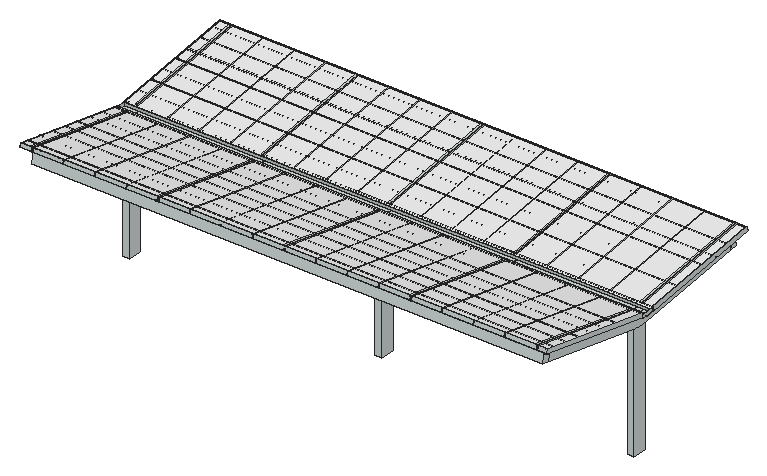
Revit family "Structures Unlimited Double Wing Canopy", category Generic Models, Revit 2018 (continued)
Definition of nested family "Double Wing Canopy Columns"
  Reference planes (in)
    plane 49: y = 4140
    plane 50: y = 4260
    plane 51: y = 4380
    plane 52: y = 4500
    plane 53: y = 4620
    plane 54: y = 4740
    plane 55: y = 5100
    plane 56: y = 4980
    plane 57: y = 4860
    plane 58: y = 5220
    plane 59: y = 5460
    plane 60: y = 5340
    plane 61: y = 5580
    plane 62: y = 5700
    plane 63: y = 5820
  Forms (in)
    Extrusion 1, solid, material <- "CRF"
      sketch origin (0, 0, 0) x (1, 0, 0) y (0, 0, 1)
        loop
          line (-5, 0) -> (5, 0) -> (5, 14.66727) -> (0, 13.87535) -> (-5, 14.66727) -> (-5, 0)
      from -2402.5 to 2.5
    Sweep 2, void
      path origin (0, 0, 0) x (1, 0, 0) y (0, 1, 0)
        loop
          line (-2000, 5820) -> (2000, 5820) -> (2000, 5700) -> (-2000, 5700) -> (-2000, 5580) -> (2000, 5580) -> (2000, 5460) -> (-2000, 5460) -> (-2000, 5340) -> (2000, 5340) -> (2000, 5220) -> (-2000, 5220) -> (-2000, 5100) -> (2000, 5100) -> (2000, 4980) -> (-2000, 4980) -> (-2000, 4860) -> (2000, 4860) -> (2000, 4740) -> (-2000, 4740) -> (-2000, 4620) -> (2000, 4620) -> (2000, 4500) -> (-2000, 4500) -> (-2000, 4380) -> (2000, 4380) -> (2000, 4260) -> (-2000, 4260) -> (-2000, 4140) -> (2000, 4140) -> (2000, 4020) -> (-2000, 4020) -> (-2000, 3900) -> (2000, 3900) -> (2000, 3780) -> (-2000, 3780) -> (-2000, 3660) -> (2000, 3660) -> (2000, 3540) -> (-2000, 3540) -> (-2000, 3420) -> (2000, 3420) -> (2000, 3300) -> (-2000, 3300) -> (-2000, 3180) -> (2000, 3180) -> (2000, 3060) -> (-2000, 3060) -> (-2000, 2940) -> (2000, 2940) -> (2000, 2820) -> (-2000, 2820) -> (-2000, 2700) -> (2000, 2700) -> (2000, 2580) -> (-2000, 2580) -> (-2000, 2460) -> (2000, 2460) -> (2000, 2340) -> (-2000, 2340) -> (-2000, 2220) -> (2000, 2220) -> (2000, 2100) -> (-2000, 2100) -> (-2000, 1980) -> (2000, 1980) -> (2000, 1860) -> (-2000, 1860) -> (-2000, 1740) -> (2000, 1740) -> (2000, 1620) -> (-2000, 1620) -> (-2000, 1500) -> (2000, 1500) -> (2000, 1380) -> (-2000, 1380) -> (-2000, 1260) -> (2000, 1260) -> (2000, 1140) -> (-2000, 1140) -> (-2000, 1020) -> (2000, 1020) -> (2000, 900) -> (-2000, 900) -> (-2000, 780) -> (2000, 780) -> (2000, 660) -> (-2000, 660) -> (-2000, 540) -> (2000, 540) -> (2000, 420) -> (-2000, 420) -> (-2000, 300) -> (2000, 300) -> (2000, 180) -> (-2000, 180) -> (-2000, 60) -> (2000, 60)
      profile origin (0, 60, 0) x (0, 1, 0) y (0, 0, 1)
        loop
          line (-57.5, 0) -> (57.5, 0) -> (57.5, 1000) -> (-57.5, 1000) -> (-57.5, 0)
  Cuts and joins
    Sweep 2 cuts Extrusion 1
  Lines and regions (in)
    reference lines
      curve 1: line (0, 0, 24) -> (-254.82359, 0, 64.36009)
      curve 2: line (0, 0, 24) -> (314.08489, 0, 73.74616)
      curve 3: line (198.77727, 0, -17.60788) -> (-103.45536, 0, 30.26107)
      curve 4: line (7.8676, 0, 15.12145) -> (339.73089, 0, 67.68344)
      curve 5: line (-125, 0, 43.79806) -> (-160.90247, 0, -182.88122)
      curve 6: line (125, 0, 43.79806) -> (163.16821, 0, -197.18653)
      curve 7: line (-32.98962, 0, 592.76646) -> (-95.87628, 0, 195.71575)
      curve 8: line (33.33911, 0, 590.55989) -> (99.98019, 0, 169.80466)
  Dimensions and locks (in)
    "Half Beam Width": plane 6 to plane 5
    "Half Beam Width": plane 4 to plane 1 "Center (Front/Back)"
    "CTR 2 CTR Of Beams": plane 1 "Center (Front/Back)" to plane 5
    equal spacing: plane 7, plane 3 "Center (Left/Right)", plane 8
    "Beam Height": plane 7 to plane 8
    "Column Height": plane 9 to plane 2
    locked: plane 10 to plane 2 at 1000
    locked: curve 1 to plane 9 at 0
    locked: plane 3 "Center (Left/Right)" to curve 1 at 0
    "Beam Height": curve 4 to curve 2
    "Beam Height": curve 1 to curve 3
    equal spacing: plane 11, plane 3 "Center (Left/Right)", plane 12
    "Width Of Canopy": plane 11 to plane 12
    "Beam Width": curve 5 to curve 7
    "Beam Width": curve 8 to curve 6
    equal spacing: plane 41, plane 3 "Center (Left/Right)", plane 42
    locked: plane 41 to plane 3 "Center (Left/Right)" at 2000
    "Void Offset": plane 1 "Center (Front/Back)" to plane 13
    "Column Spacing": plane 18 to plane 17 to plane 16 to plane 15 to plane 14 to plane 13
    "Column Spacing": plane 40 to plane 39 to plane 38 to plane 37 to plane 36 to plane 35 to plane 34 to plane 33 to plane 32 to plane 31 to plane 30 to plane 29 to plane 28 to plane 27 to plane 26 to plane 25 to plane 24 to plane 23 to plane 21 to plane 22 to plane 20 to plane 19 to plane 18
    "Column Spacing": plane 40 to plane 43 to plane 44 to plane 45 to plane 46 to plane 47 to plane 48 to plane 49
    "Column Spacing": plane 54 to plane 53 to plane 52 to plane 51 to plane 50 to plane 49
    "Column Spacing": plane 56 to plane 57 to plane 54
    "Column Spacing": plane 56 to plane 55 to plane 58 to plane 60 to plane 59 to plane 61 to plane 62 to plane 63
    equal spacing: Sweep 2 sketch curve, profile plane, Sweep 2 sketch curve
    "Void Width": Sweep 2 sketch curve to Sweep 2 sketch curve
    "Roof Pitch": angle plane 2 to curve 2
    "Roof Pitch": angle curve 1 to plane 2
    "Roof Pitch": angle plane 2 to curve 4
    "Roof Pitch": angle curve 3 to plane 2
    "Roof Pitch": angle plane 3 "Center (Left/Right)" to curve 6
    "Roof Pitch": angle curve 5 to plane 3 "Center (Left/Right)"
    "Roof Pitch": angle curve 7 to plane 3 "Center (Left/Right)"
    "Roof Pitch": angle plane 3 "Center (Left/Right)" to curve 8
    aligned and locked: plane 2 to level
    aligned and locked: Extrusion 1 sketch curve to plane 2
    aligned and locked: Extrusion 1 sketch curve to plane 7
    aligned and locked: Extrusion 1 sketch curve to plane 8
    aligned and locked: Extrusion 1 sketch curve to curve 4
    aligned and locked: curve 3 to Extrusion 1 sketch curve
    aligned and locked: Extrusion 1 to plane 4
    aligned and locked: plane 6 to Extrusion 1
    aligned and locked: Sweep 2 sketch curve to plane 13
    aligned and locked: Sweep 2 sketch curve to plane 14
    aligned and locked: Sweep 2 sketch curve to plane 15
    aligned and locked: Sweep 2 sketch curve to plane 16
    aligned and locked: Sweep 2 sketch curve to plane 17
    aligned and locked: Sweep 2 sketch curve to plane 18
    aligned and locked: Sweep 2 sketch curve to plane 19
    aligned and locked: Sweep 2 sketch curve to plane 20
    aligned and locked: Sweep 2 sketch curve to plane 22
    aligned and locked: Sweep 2 sketch curve to plane 21
    aligned and locked: Sweep 2 sketch curve to plane 23
    aligned and locked: Sweep 2 sketch curve to plane 24
    aligned and locked: Sweep 2 sketch curve to plane 25
    aligned and locked: Sweep 2 sketch curve to plane 26
    aligned and locked: Sweep 2 sketch curve to plane 27
    aligned and locked: Sweep 2 sketch curve to plane 28
    aligned and locked: Sweep 2 sketch curve to plane 29
    aligned and locked: Sweep 2 sketch curve to plane 30
    aligned and locked: Sweep 2 sketch curve to plane 31
    aligned and locked: Sweep 2 sketch curve to plane 32
    aligned and locked: Sweep 2 sketch curve to plane 33
    aligned and locked: Sweep 2 sketch curve to plane 34
    aligned and locked: Sweep 2 sketch curve to plane 35
    aligned and locked: Sweep 2 sketch curve to plane 36
    aligned and locked: Sweep 2 sketch curve to plane 37
    aligned and locked: Sweep 2 sketch curve to plane 38
    aligned and locked: Sweep 2 sketch curve to plane 39
    aligned and locked: Sweep 2 sketch curve to plane 40
    aligned and locked: Sweep 2 sketch curve to plane 43
    aligned and locked: Sweep 2 sketch curve to plane 44
    aligned and locked: Sweep 2 sketch curve to plane 45
    aligned and locked: Sweep 2 sketch curve to plane 46
    aligned and locked: Sweep 2 sketch curve to plane 47
    aligned and locked: Sweep 2 sketch curve to plane 48
    aligned and locked: Sweep 2 sketch curve to plane 49
    aligned and locked: Sweep 2 sketch curve to plane 50
    aligned and locked: Sweep 2 sketch curve to plane 51
    aligned and locked: Sweep 2 sketch curve to plane 52
    aligned and locked: Sweep 2 sketch curve to plane 53
    aligned and locked: Sweep 2 sketch curve to plane 54
    aligned and locked: Sweep 2 sketch curve to plane 57
    aligned and locked: Sweep 2 sketch curve to plane 56
    aligned and locked: Sweep 2 sketch curve to plane 55
    aligned and locked: Sweep 2 sketch curve to plane 58
    aligned and locked: Sweep 2 sketch curve to plane 60
    aligned and locked: Sweep 2 sketch curve to plane 59
    aligned and locked: Sweep 2 sketch curve to plane 61
    aligned and locked: Sweep 2 sketch curve to plane 62
    aligned and locked: Sweep 2 sketch curve to plane 63
    aligned and locked: plane 41 to Sweep 2 sketch curve  (x25)
    aligned and locked: plane 42 to Sweep 2 sketch curve
    aligned and locked: Sweep 2 sketch curve to plane 42  (x24)
    aligned and locked: Sweep 2 sketch curve to profile plane
    aligned and locked: Sweep 2 sketch curve to plane 10
  Automatic sketch dimensions
    plane 11 to curve 5 = 0' - 0"
    curve 6 to plane 12 = 0' - 0"
    curve 3 to plane 11 = 1' - 9.54464"
    curve 4 to plane 8 = 0' - 2.8676"
    curve 8 to plane 8 = 2' - 4.33911"
    curve 8 to curve 7 = 0' - 2.20656"
Definition of nested family "Double Wing Canopy Rafters"
  Parameters (values of type "Double Wing Canopy Rafters")
    Width Of Canopy [instance] = 20' - 10"
    Void Width [instance] = Column Spacing - Beam Width  # 9' - 7"
    Void Offset [instance] = Column Spacing / 2  # 5' - 0"
    Roof Pitch [instance] = 9.00°
    Half Beam Width [instance] = Beam Width / 2  # 0' - 2 1/2"
    Column Spacing [instance] = 10' - 0"
    Column Height [instance] = 2' - 0"
    CTR 2 CTR Of Beams [instance] = 200' - 0"
    CRF [instance] = none
    Beam Width [instance] = 0' - 5"
    Beam Height [instance] = 0' - 10"
  Reference planes (in)
    plane 1 "Center (Front/Back)": y = 0
    plane 2: z = 0
    plane 3 "Center (Left/Right)": x = 0
    plane 4: y = -2.5
    plane 5: y = 2400
    plane 6: y = 2402.5
    plane 7: x = -5
    plane 8: x = 5
    plane 9: z = 24
    plane 10: z = 1000
    plane 11: x = -125
    plane 12: x = 125
    plane 13: y = 60
    plane 14: y = 180
    plane 15: y = 300
    plane 16: y = 420
    plane 17: y = 540
    plane 18: y = 660
    plane 19: y = 780
    plane 20: y = 900
    plane 21: y = 1140
    plane 22: y = 1020
    plane 23: y = 1260
    plane 24: y = 1380
    plane 25: y = 1500
    plane 26: y = 1620
    plane 27: y = 1740
    plane 28: y = 1860
    plane 29: y = 1980
    plane 30: y = 2100
    plane 31: y = 2220
    plane 32: y = 2340
    plane 33: y = 2460
    plane 34: y = 2580
    plane 35: y = 2700
    plane 36: y = 2820
    plane 37: y = 2940
    plane 38: y = 3060
    plane 39: y = 3180
    plane 40: y = 3300
    plane 41: x = -2000
    plane 42: x = 2000
    plane 43: y = 3420
    plane 44: y = 3540
    plane 45: y = 3660
    plane 46: y = 3780
    plane 47: y = 3900
    plane 48: y = 4020
    plane 49: y = 4140
    plane 50: y = 4260
    plane 51: y = 4380
    plane 52: y = 4500
    plane 53: y = 4620
    plane 54: y = 4740
    plane 55: y = 5100
    plane 56: y = 4980
    plane 57: y = 4860
    plane 58: y = 5220
    plane 59: y = 5460
    plane 60: y = 5340
    plane 61: y = 5580
    plane 62: y = 5700
    plane 63: y = 5820
  Forms (in)
    Sweep 1, void
      path origin (0, 0, 0) x (1, 0, 0) y (0, 1, 0)
        loop
          line (-2000, 5820) -> (2000, 5820) -> (2000, 5700) -> (-2000, 5700) -> (-2000, 5580) -> (2000, 5580) -> (2000, 5460) -> (-2000, 5460) -> (-2000, 5340) -> (2000, 5340) -> (2000, 5220) -> (-2000, 5220) -> (-2000, 5100) -> (2000, 5100) -> (2000, 4980) -> (-2000, 4980) -> (-2000, 4860) -> (2000, 4860) -> (2000, 4740) -> (-2000, 4740) -> (-2000, 4620) -> (2000, 4620) -> (2000, 4500) -> (-2000, 4500) -> (-2000, 4380) -> (2000, 4380) -> (2000, 4260) -> (-2000, 4260) -> (-2000, 4140) -> (2000, 4140) -> (2000, 4020) -> (-2000, 4020) -> (-2000, 3900) -> (2000, 3900) -> (2000, 3780) -> (-2000, 3780) -> (-2000, 3660) -> (2000, 3660) -> (2000, 3540) -> (-2000, 3540) -> (-2000, 3420) -> (2000, 3420) -> (2000, 3300) -> (-2000, 3300) -> (-2000, 3180) -> (2000, 3180) -> (2000, 3060) -> (-2000, 3060) -> (-2000, 2940) -> (2000, 2940) -> (2000, 2820) -> (-2000, 2820) -> (-2000, 2700) -> (2000, 2700) -> (2000, 2580) -> (-2000, 2580) -> (-2000, 2460) -> (2000, 2460) -> (2000, 2340) -> (-2000, 2340) -> (-2000, 2220) -> (2000, 2220) -> (2000, 2100) -> (-2000, 2100) -> (-2000, 1980) -> (2000, 1980) -> (2000, 1860) -> (-2000, 1860) -> (-2000, 1740) -> (2000, 1740) -> (2000, 1620) -> (-2000, 1620) -> (-2000, 1500) -> (2000, 1500) -> (2000, 1380) -> (-2000, 1380) -> (-2000, 1260) -> (2000, 1260) -> (2000, 1140) -> (-2000, 1140) -> (-2000, 1020) -> (2000, 1020) -> (2000, 900) -> (-2000, 900) -> (-2000, 780) -> (2000, 780) -> (2000, 660) -> (-2000, 660) -> (-2000, 540) -> (2000, 540) -> (2000, 420) -> (-2000, 420) -> (-2000, 300) -> (2000, 300) -> (2000, 180) -> (-2000, 180) -> (-2000, 60) -> (2000, 60)
      profile origin (0, 60, 0) x (0, 1, 0) y (0, 0, 1)
        loop
          line (-57.5, 0) -> (57.5, 0) -> (57.5, 1000) -> (-57.5, 1000) -> (-57.5, 0)
    Extrusion 2, solid, material <- "CRF"
      sketch origin (0, 0, 0) x (1, 0, 0) y (0, 0, 1)
        loop
          line (0, 24) -> (-120.06156, 43.01588) -> (-121.6259, 33.139) -> (0, 13.87535) -> (121.6259, 33.139) -> (120.06156, 43.01588) -> (0, 24)
      from -2402.5 to 2.5
  Cuts and joins
    Sweep 1 cuts Extrusion 2
  Lines and regions (in)
    reference lines
      curve 1: line (0, 0, 24) -> (-254.82359, 0, 64.36009)
      curve 2: line (0, 0, 24) -> (314.08489, 0, 73.74616)
      curve 3: line (198.77727, 0, -17.60788) -> (-103.45536, 0, 30.26107)
      curve 4: line (7.8676, 0, 15.12145) -> (339.73089, 0, 67.68344)
      curve 5: line (-125, 0, 43.79806) -> (-160.90247, 0, -182.88122)
      curve 6: line (125, 0, 43.79806) -> (163.16821, 0, -197.18653)
      curve 7: line (-32.98962, 0, 592.76646) -> (-95.87628, 0, 195.71575)
      curve 8: line (33.33911, 0, 590.55989) -> (99.98019, 0, 169.80466)
  Dimensions and locks (in)
    "Half Beam Width": plane 6 to plane 5
    "Half Beam Width": plane 4 to plane 1 "Center (Front/Back)"
    "CTR 2 CTR Of Beams": plane 1 "Center (Front/Back)" to plane 5
    equal spacing: plane 7, plane 3 "Center (Left/Right)", plane 8
    "Beam Height": plane 7 to plane 8
    "Column Height": plane 9 to plane 2
    locked: plane 10 to plane 2 at 1000
    locked: curve 1 to plane 9 at 0
    locked: plane 3 "Center (Left/Right)" to curve 1 at 0
    "Beam Height": curve 4 to curve 2
    "Beam Height": curve 1 to curve 3
    equal spacing: plane 11, plane 3 "Center (Left/Right)", plane 12
    "Width Of Canopy": plane 11 to plane 12
    "Beam Width": curve 5 to curve 7
    "Beam Width": curve 8 to curve 6
    equal spacing: plane 41, plane 3 "Center (Left/Right)", plane 42
    locked: plane 41 to plane 3 "Center (Left/Right)" at 2000
    "Void Offset": plane 1 "Center (Front/Back)" to plane 13
    "Column Spacing": plane 18 to plane 17 to plane 16 to plane 15 to plane 14 to plane 13
    "Column Spacing": plane 40 to plane 39 to plane 38 to plane 37 to plane 36 to plane 35 to plane 34 to plane 33 to plane 32 to plane 31 to plane 30 to plane 29 to plane 28 to plane 27 to plane 26 to plane 25 to plane 24 to plane 23 to plane 21 to plane 22 to plane 20 to plane 19 to plane 18
    "Column Spacing": plane 40 to plane 43 to plane 44 to plane 45 to plane 46 to plane 47 to plane 48 to plane 49
    "Column Spacing": plane 54 to plane 53 to plane 52 to plane 51 to plane 50 to plane 49
    "Column Spacing": plane 56 to plane 57 to plane 54
    "Column Spacing": plane 56 to plane 55 to plane 58 to plane 60 to plane 59 to plane 61 to plane 62 to plane 63
    equal spacing: Sweep 1 sketch curve, profile plane, Sweep 1 sketch curve
    "Void Width": Sweep 1 sketch curve to Sweep 1 sketch curve
    "Roof Pitch": angle plane 2 to curve 2
    "Roof Pitch": angle curve 1 to plane 2
    "Roof Pitch": angle plane 2 to curve 4
    "Roof Pitch": angle curve 3 to plane 2
    "Roof Pitch": angle plane 3 "Center (Left/Right)" to curve 6
    "Roof Pitch": angle curve 5 to plane 3 "Center (Left/Right)"
    "Roof Pitch": angle curve 7 to plane 3 "Center (Left/Right)"
    "Roof Pitch": angle plane 3 "Center (Left/Right)" to curve 8
    aligned and locked: plane 2 to level
    aligned and locked: Sweep 1 sketch curve to plane 13
    aligned and locked: Sweep 1 sketch curve to plane 14
    aligned and locked: Sweep 1 sketch curve to plane 15
    aligned and locked: Sweep 1 sketch curve to plane 16
    aligned and locked: Sweep 1 sketch curve to plane 17
    aligned and locked: Sweep 1 sketch curve to plane 18
    aligned and locked: Sweep 1 sketch curve to plane 19
    aligned and locked: Sweep 1 sketch curve to plane 20
    aligned and locked: Sweep 1 sketch curve to plane 22
    aligned and locked: Sweep 1 sketch curve to plane 21
    aligned and locked: Sweep 1 sketch curve to plane 23
    aligned and locked: Sweep 1 sketch curve to plane 24
    aligned and locked: Sweep 1 sketch curve to plane 25
    aligned and locked: Sweep 1 sketch curve to plane 26
    aligned and locked: Sweep 1 sketch curve to plane 27
    aligned and locked: Sweep 1 sketch curve to plane 28
    aligned and locked: Sweep 1 sketch curve to plane 29
    aligned and locked: Sweep 1 sketch curve to plane 30
    aligned and locked: Sweep 1 sketch curve to plane 31
    aligned and locked: Sweep 1 sketch curve to plane 32
    aligned and locked: Sweep 1 sketch curve to plane 33
    aligned and locked: Sweep 1 sketch curve to plane 34
    aligned and locked: Sweep 1 sketch curve to plane 35
    aligned and locked: Sweep 1 sketch curve to plane 36
    aligned and locked: Sweep 1 sketch curve to plane 37
    aligned and locked: Sweep 1 sketch curve to plane 38
    aligned and locked: Sweep 1 sketch curve to plane 39
    aligned and locked: Sweep 1 sketch curve to plane 40
    aligned and locked: Sweep 1 sketch curve to plane 43
    aligned and locked: Sweep 1 sketch curve to plane 44
    aligned and locked: Sweep 1 sketch curve to plane 45
    aligned and locked: Sweep 1 sketch curve to plane 46
    aligned and locked: Sweep 1 sketch curve to plane 47
    aligned and locked: Sweep 1 sketch curve to plane 48
    aligned and locked: Sweep 1 sketch curve to plane 49
    aligned and locked: Sweep 1 sketch curve to plane 50
    aligned and locked: Sweep 1 sketch curve to plane 51
    aligned and locked: Sweep 1 sketch curve to plane 52
    aligned and locked: Sweep 1 sketch curve to plane 53
    aligned and locked: Sweep 1 sketch curve to plane 54
    aligned and locked: Sweep 1 sketch curve to plane 57
    aligned and locked: Sweep 1 sketch curve to plane 56
    aligned and locked: Sweep 1 sketch curve to plane 55
    aligned and locked: Sweep 1 sketch curve to plane 58
    aligned and locked: Sweep 1 sketch curve to plane 60
    aligned and locked: Sweep 1 sketch curve to plane 59
    aligned and locked: Sweep 1 sketch curve to plane 61
    aligned and locked: Sweep 1 sketch curve to plane 62
    aligned and locked: Sweep 1 sketch curve to plane 63
    aligned and locked: plane 41 to Sweep 1 sketch curve  (x25)
    aligned and locked: plane 42 to Sweep 1 sketch curve
    aligned and locked: Sweep 1 sketch curve to plane 42  (x24)
    aligned and locked: Sweep 1 sketch curve to profile plane
    aligned and locked: Sweep 1 sketch curve to plane 10
    aligned and locked: Extrusion 2 sketch curve to curve 1
    aligned and locked: curve 3 to Extrusion 2 sketch curve
    aligned and locked: Extrusion 2 sketch curve to curve 4
    aligned and locked: Extrusion 2 sketch curve to curve 2
    aligned and locked: curve 8 to Extrusion 2 sketch curve
    aligned and locked: curve 7 to Extrusion 2 sketch curve
    aligned and locked: Extrusion 2 to plane 4
    aligned and locked: Extrusion 2 to plane 6
  Automatic sketch dimensions
    plane 11 to curve 5 = 0' - 0"
    curve 6 to plane 12 = 0' - 0"
    curve 3 to plane 11 = 1' - 9.54464"
    curve 4 to plane 8 = 0' - 2.8676"
    curve 8 to plane 8 = 2' - 4.33911"
    curve 8 to curve 7 = 0' - 2.20656"
Types (14): name | KCRF
  (no name) | KCRF Aluminum #79
  KCRF Aluminum #79 | KCRF Aluminum #79
  KCRF Banner Red #90 | KCRF Banner Red #90
  KCRF Black #95 | KCRF Black #95
  KCRF Blue #15 | KCRF Blue #15
  KCRF Bone White #21B | KCRF Bone White #21B
  KCRF Brick #88 | KCRF Brick #88
  KCRF Bronze #85 | KCRF Bronze #85
  KCRF Coro Blue #48 | KCRF Coro Blue #48
  KCRF Gray #80 | KCRF Gray #80
  KCRF Hartford Green #75 | KCRF Hartford Green #75
  KCRF Minuette #03 | KCRF Minuette #03
  KCRF Mountain Green #70 | KCRF Mountain Green #70
  KCRF White #00 | KCRF White #00
